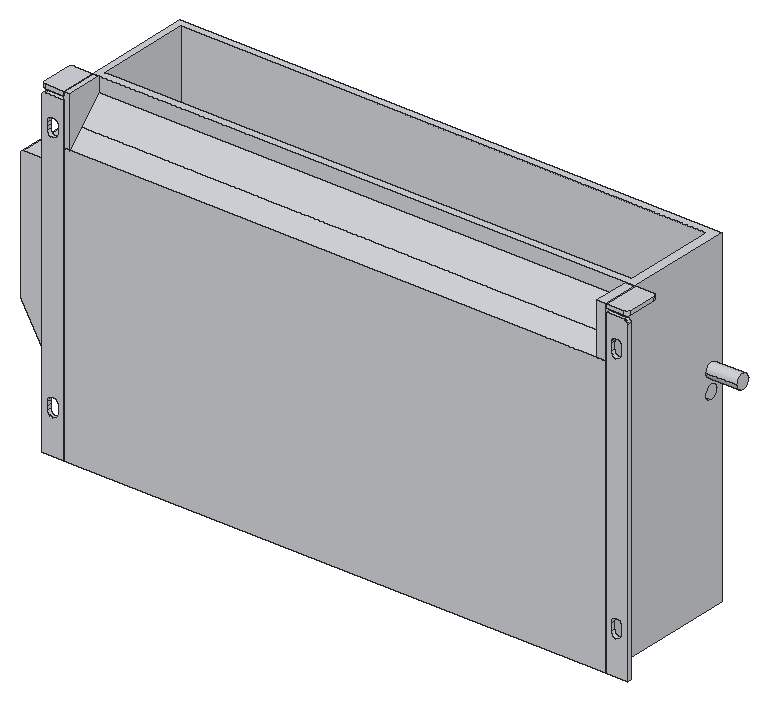
Revit family "Midea_FCU_two pipe 2th Ceiling&Floor MKH3-250R3(R4)(DC50,60Hz)-Floor", category Mechanical Equipment, Revit 2013
Parameters (values of type "MKH3-250-R3")
  clearance access up = 1500.000 mm
  clearance access right = 150.000 mm
  clearance access left = 150.000 mm
  clearance access down = 90.000 mm
  clearance access behind = 50.000 mm
  clearance [instance] = no
  Width = 495.000 mm
  Series = "FCU"
  Rated current = 0.2 A
  Power supply = "220-240V ~50Hz/60Hz"
  Power Input(H/M/L) = "47/26/14 W"
  Panel color = "-"
  Net Weight = 13.90 kg
  Model = "MKH3-250-R3"
  Manufacturer = "Midea"
  Machine material = Galvanized Steel
  Liquid pipe = 19.050 mm
  Installation = "Indoor installation"
  Height = 200.000 mm
  Heating Capacity(H/M/L) = "3.05/2.24/1.52 kW"
  Drain pipe = 18.500 mm
  Description = "High efficiency water cooled"
  Depth = 1020.000 mm
  Cooling Capacity(H/M/L) = "2.65/2.02/1.40 kW"
  Condensation = "water"
  Circuit breaker = 15 A
  Air Flow(H/M/L) = "400/273/180 m3/h"
Types (3, lengths in mm): name | Width | Net Weight | Model | Heating Capacity(H/M/L) | Depth | Cooling Capacity(H/M/L) | Air Flow(H/M/L)
  (no name) | 495.000 | 13.90 kg | "MKH3-250-R3" | "3.05/2.24/1.52 kW" | 1020.000 | "2.65/2.02/1.40 kW" | "400/273/180 m3/h"
  MKH3-250-R3 | 495.000 | 13.90 kg | "MKH3-250-R3" | "3.05/2.24/1.52 kW" | 1020.000 | "2.65/2.02/1.40 kW" | "400/273/180 m3/h"
  MKH3-250-R4 | 455.000 | 14.80 kg | "MKH3-250-R4" | "3.15/2.09/1.38 kW" | 858.000 | "3.05/2.26/1.63 kW" | "425/284/184 m3/h"
Reference planes
  plane 1 "Center (Front/Back)": y = 0
  plane 2: z = 0
  plane 3 "Center (Left/Right)": x = 0
  plane 4: y = -200
  plane 5: z = 455
  plane 6: x = 429
  plane 7: x = -429
  plane 8: z = 445
  plane 9: z = 445
  plane 10: x = -375.993
  plane 11: z = 355
  plane 12: z = 90
Forms (mm)
  Extrusion 1, solid
    sketch origin (500, 500, 0) x (0, -1, 0) y (0, 0, -1)
      loop
        line (500, -455) -> (650, -455) -> (650, -435) -> (680, -405) -> (700, -385) -> (700, 0) -> (500, 0) -> (500, -455)
    from -860.993 to -115
  Extrusion 2, void
    sketch origin (0, 0, 0) x (0, 1, 0) y (0, 0, 1)
      loop
        line (-190, 10) -> (-10, 10) -> (-10, 455) -> (-140, 455) -> (-140, 430.858) -> (-190, 380.858) -> (-190, 10)
    from -352.303 to 372.238
  Extrusion 3, solid
    sketch origin (0, 0, 0) x (0, 1, 0) y (0, 0, 1)
      loop
        line (-200, 385) -> (-150, 435) -> (-150, 455) -> (-200, 455) -> (-200, 385)
    from 372.238 to 385
  Extrusion 4, solid
    sketch origin (0, 0, 0) x (0, 1, 0) y (0, 0, -1)
      loop
        line (-200, -385) -> (-200, -455) -> (-150, -455) -> (-150, -435) -> (-200, -385)
    from 352.303 to 360.993
  Extrusion 5, solid
    sketch origin (54, 0, 0) x (1, 0, 0) y (0, 1, 0)
      loop
        arc (-439.993, -150) -> (-443.529, -151.464) -> (-444.993, -155) r 5
        line (-444.993, -155) -> (-444.993, -195)
        arc (-444.993, -195) -> (-443.529, -198.536) -> (-439.993, -200) r 5
        line (-439.993, -200) -> (-414.993, -200) -> (-414.993, -150) -> (-439.993, -150)
      loop
        line (356, -150) -> (331, -150) -> (331, -200) -> (356, -200)
        arc (356, -200) -> (359.536, -198.536) -> (361, -195) r 5
        line (361, -195) -> (361, -155)
        arc (361, -155) -> (359.536, -151.464) -> (356, -150) r 5
    from 450 to 455
  Extrusion 6, solid
    sketch origin (54, 0, 0) x (1, 0, 0) y (0, 0, 1)
      loop
        line (331, 445) -> (331, 0) -> (361, 0) -> (361, 440)
        arc (361, 440) -> (359.536, 443.536) -> (356, 445) r 5
        line (356, 445) -> (331, 445)
      loop
        line (-414.993, 445) -> (-439.993, 445)
        arc (-439.993, 445) -> (-443.529, 443.536) -> (-444.993, 440) r 5
        line (-444.993, 440) -> (-444.993, 0) -> (-414.993, 0) -> (-414.993, 445)
      loop
        line (338.5, 410) -> (338.5, 400)
        arc (338.5, 400) -> (346, 392.5) -> (353.5, 400) r 7.5
        line (353.5, 400) -> (353.5, 405) -> (353.5, 410)
        arc (353.5, 410) -> (346, 417.5) -> (338.5, 410) r 7.5
      loop
        arc (-422.493, 410) -> (-429.993, 417.5) -> (-437.493, 410) r 7.5
        line (-437.493, 410) -> (-437.493, 405) -> (-437.493, 400)
        arc (-437.493, 400) -> (-429.993, 392.5) -> (-422.493, 400) r 7.5
        line (-422.493, 400) -> (-422.493, 410)
      loop
        arc (-422.493, 65) -> (-429.993, 72.5) -> (-437.493, 65) r 7.5
        line (-437.493, 65) -> (-437.493, 60) -> (-437.493, 55)
        arc (-437.493, 55) -> (-429.993, 47.5) -> (-422.493, 55) r 7.5
        line (-422.493, 55) -> (-422.493, 65)
      loop
        line (338.5, 65) -> (338.5, 55)
        arc (338.5, 55) -> (346, 47.5) -> (353.5, 55) r 7.5
        line (353.5, 55) -> (353.5, 60) -> (353.5, 65)
        arc (353.5, 65) -> (346, 72.5) -> (338.5, 65) r 7.5
    from 195 to 200
  Extrusion 7, solid
    sketch origin (-100.993, 0, 0) x (1, 0, 0) y (0, 0, 1)
      loop
        line (-260, 355) -> (-323, 355)
        arc (-323, 355) -> (-326.536, 353.536) -> (-328, 350) r 5
        line (-328, 350) -> (-328, 176.897)
        arc (-328, 176.897) -> (-327.633, 173.45) -> (-326.332, 170.236) r 12.496
        line (-326.332, 170.236) -> (-280.877, 91.519)
        arc (-280.877, 91.519) -> (-279.983, 90.487) -> (-278.708, 90) r 2.801
        line (-278.708, 90) -> (-260, 90) -> (-260, 355)
    from 30 to 190
  Extrusion 8, solid
    sketch origin (500, 500, 0) x (0, -1, 0) y (0, 0, -1)
      loop
        circle (519.525, -295.408) r 9.525
    from -115 to -71
  Extrusion 9, solid
    sketch origin (-500, 500, 0) x (0, -1, 0) y (0, 0, 1)
      loop
        circle (519.525, 295.408) r 9.525
    from -147.697 to -71
  Extrusion 10, solid
    sketch origin (500, 498.342, 0) x (0, -1, 0) y (0, 0, -1)
      loop
        circle (517.592, -267.659) r 9.25
    from -127.762 to -115
  Extrusion 11, solid
    sketch origin (-500, 498.342, 0) x (0, -1, 0) y (0, 0, 1)
      loop
        circle (517.592, 267.659) r 9.25
    from -147.697 to -139.007
Cuts and joins
  Extrusion 2 cuts Extrusion 1
Dimensions and locks
  aligned and locked: level to plane 2
Nested families
  nested 1: "Midea service space" at (-579, -200, 0), visible <- "clearance", type "Midea Service  Space"
    with Width 150.000 mm, Height 455.000 mm, Depth 200.000 mm
  nested 2: "Midea service space" at (429, -200, 0), visible <- "clearance", type "Midea Service  Space"
    with Width 150.000 mm, Height 455.000 mm, Depth 200.000 mm
  nested 3: "Midea service space" at (-429, 0, 0), visible <- "clearance", type "Midea Service  Space"
    with Width 858.000 mm, Height 455.000 mm, Depth 50.000 mm
  nested 4: "Midea service space" at (-429, -200, 455), visible <- "clearance", type "Midea Service  Space"
    with Width 858.000 mm, Height 1500.000 mm, Depth 200.000 mm
  nested 5: "Midea service space" at (-429, -200, -90), visible <- "clearance", type "Midea Service  Space"
    with Width 858.000 mm, Height 90.000 mm, Depth 200.000 mm
Connectors
  piping at (-429, -19.525, 295.408)
    settings: on Extrusion 9, index 1, connector radius 3/8", flow factor 0, pipe flow 0 GPM, pressure drop 0.00 psi, fitting loss kfactor 0, connector angle 0.00°, fixture units 0, engagement length 0.000 mm, flow configuration 0, flow direction 0, fitting loss method 0, system type 7, joint type 0, gender type 0, connector reference index -1, connector utility 0, adjustable connector no, is connector primary yes, fitting loss table "", connector description ""
  piping at (-360.993, -19.25, 267.659)
    settings: on Extrusion 11, index 2, connector radius 0.36417", flow factor 0, pipe flow 0 GPM, pressure drop 0.00 psi, fitting loss kfactor 0, connector angle 0.00°, fixture units 0, engagement length 0.000 mm, flow configuration 0, flow direction 0, fitting loss method 0, system type 7, joint type 0, gender type 0, connector reference index -1, connector utility 0, adjustable connector no, is connector primary no, fitting loss table "", connector description ""
  piping at (429, -19.525, 295.408)
    settings: on Extrusion 8, index 3, connector radius 3/8", flow factor 0, pipe flow 0 GPM, pressure drop 0.00 psi, fitting loss kfactor 0, connector angle 0.00°, fixture units 0, engagement length 0.000 mm, flow configuration 0, flow direction 0, fitting loss method 0, system type 7, joint type 0, gender type 0, connector reference index -1, connector utility 0, adjustable connector no, is connector primary no, fitting loss table "", connector description ""
  piping at (385, -19.25, 267.659)
    settings: on Extrusion 10, index 4, connector radius 0.36417", flow factor 0, pipe flow 0 GPM, pressure drop 0.00 psi, fitting loss kfactor 0, connector angle 0.00°, fixture units 0, engagement length 0.000 mm, flow configuration 0, flow direction 0, fitting loss method 0, system type 7, joint type 0, gender type 0, connector reference index -1, connector utility 0, adjustable connector no, is connector primary no, fitting loss table "", connector description ""
  electrical at (-428.993, -110, 263.448)
    settings: on Extrusion 7, index 5, voltage 220 V, apparent load 0 VA, apparent load phase1 0 VA, apparent load phase2 0 VA, apparent load phase3 0 VA, power factor 1, load classification "Other", number of poles 1, system type 30, power factor state 1, is connector primary yes, connector utility no, sub classification motor no, connector description ""
Definition of nested family "Midea service space"
  Parameters (values of type "Midea Service  Space")
    Width [instance] = 500.000 mm
    Height [instance] = 500.000 mm
    Depth [instance] = 500.000 mm
  Reference planes
    plane 1 "Center (Front/Back)": y = 0
    plane 2: z = 0
    plane 3 "Center (Left/Right)": x = 0
    plane 4: z = 500
    plane 5: y = 500
    plane 6: x = 500
  Forms (mm)
    Extrusion 1, solid, material "Midea Service Space-HDY"
      sketch origin (0, 0, 0) x (1, 0, 0) y (0, 1, 0)
        loop
          line (0, 500) -> (0, 0) -> (500, 0) -> (500, 500) -> (0, 500)
      from 0 to 500
  Dimensions and locks
    "Width": plane 3 "Center (Left/Right)" to plane 6
    "Depth": plane 5 to plane 1 "Center (Front/Back)"
    "Height": level to plane 4
    aligned and locked: level to plane 2
    aligned and locked: plane 5 to Extrusion 1
    aligned and locked: Extrusion 1 to plane 6
    aligned and locked: Extrusion 1 to plane 3 "Center (Left/Right)"
    aligned and locked: plane 1 "Center (Front/Back)" to Extrusion 1
    aligned and locked: Extrusion 1 to plane 4
  Automatic sketch dimensions
    Extrusion 1 sketch curve to plane 3 "Center (Left/Right)" = 0.000 mm
    plane 1 "Center (Front/Back)" to Extrusion 1 sketch curve = 0.000 mm
    Extrusion 1 sketch curve to plane 6 = 0.000 mm
    Extrusion 1 sketch curve to plane 5 = 0.000 mm
